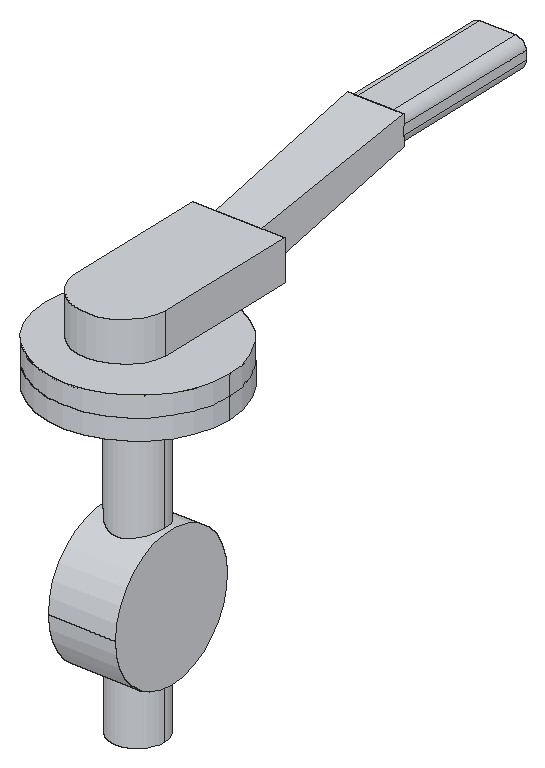
Revit family "HS497-67_disk-litina-s pákou DN032-RFA_2019", category Pipe Accessories, Revit 2019
Family settings
  Round Connector Dimension = Use Diameter
  Part Type = Valve - Breaks Into
  Work Plane-Based = No
  Always vertical = Yes
  Cut with Voids When Loaded = No
  Shared = No
Parameters (values of type "HS 497-67_DN032_PN16_s pákou")
  magiProductId = "9ad8088d610749a1b871aa2aad8007"
  magiProductFamilyId = "53cea81e6f374d17b8841d9c72ad77"
  magiPartTypeId = 305
  isMeasuringValve [instance] = no
  ang2D [instance] = 0.00°
  X11 = 61.456 mm
  X1 = 25.456 mm
  W2D = 1000 mm
  VersionID = "2.0/2017.9.26.1/ZETKAMA_497_001"
  Use Minimum Symbol Size [instance] = yes
  URL = "http://www.hydronic.cz"
  Type Comments = "mezipřírubová; litinový disk; PN16; -10~+110°C (krátkodobě +120°C)"
  SW30 = no
  SW3 = no
  SW21 = no
  SW20 = yes
  SW2 = yes
  SW1 = no
  R = 16 mm
  QmdConnectorList = "301;D;302;D"
  Productdata [instance] = ""
  NC = 50 mm
  Model = ""
  Manufacturer = "Hydronic Systems Prague s.r.o."
  MM20 = 25.456 mm
  MC Product Code = "120 032 (litinový disk, s pákou; DN32; PN16, kvs78)"
  M41 = 66 mm
  M4 = 44 mm
  LHL = 220 mm
  LHH3 = 2.45 mm
  LHH1 = 46.55 mm
  LH1 = 73.333 mm
  L4R__ve = -L4R  # -12.8 mm
  L4R = 12.8 mm
  L42__ve = -L42  # -96 mm
  L42 = 96 mm
  L41__ve = -L41  # -19.2 mm
  L41 = 19.2 mm
  L2D_Min = 3048 mm
  L2D = 216 mm
  L2 = 16.5 mm
  L1 = 26.4 mm
  L = 33 mm
  H = 30 mm
  G22 = 11.25 mm
  G2 = 22.5 mm
  G1 = 90 mm
  G = 90 mm
  F = 11 mm
  E44 = 31.25 mm
  E42 = 62.5 mm
  E4 = 125 mm
  E23 = 4.9 mm
  E22 = 19.6 mm
  E21 = 9.8 mm
  Description = "Mezipřírubová uzavírací klapka s pákou; litinový disk, DN32; PN16; kvs78"
  DR2 = 16 mm
  DR = 68 mm
  DD1 = 15.625 mm
  DD = 12.5 mm
  D = 32 mm
  CAT0 = yes
  B2__ve = -B2  # -44.2 mm
  B2 = 44.2 mm
  A2 = 10.25 mm
  A1 = 76.25 mm
Types (43, lengths in mm): name | magiProductId | X11 | X1 | Type Comments | SW30 | SW3 | SW20 | SW2 | SW1 | R | NC | MM20 | MC Product Code | M41 | M4 | LHL | LHH3 | LHH1 | LH1 | L4R__ve | L4R | L42__ve | L42 | L41__ve | L41 | L2 | L1 | L | H | G | F | E44 | E42 | E4 | E23 | E22 | E21 | Description | DR2 | DR | DD1 | DD | D | B2__ve | B2 | A2 | A1
  HS 497-67_DN100_PN16_volné vřeteno | "65d1b245f4f142c78569c0602d5754" | 61.456 | 25.456 | "mezipřírubová; litinový disk; PN16; -10~+110°C (krátkodobě +120°C)" | no | no | no | no | yes | 50 | 50 | 25.456 | "123 100 (litinový disk, s volným vřetenem; DN100; PN16, kvs512)" | 66 | 44 | 220 | 2.45 | 46.55 | 73.333 | -12.8 | 12.8 | -96 | 96 | -19.2 | 19.2 | 26 | 41.6 | 52 | 30 | 90 | 11 | 31.25 | 62.5 | 125 | 4.9 | 19.6 | 9.8 | "Mezipřírubová uzavírací klapka s volným vřetenem; litinový disk, DN100; PN16; kvs512" | 50 | 147 | 15.625 | 12.5 | 100 | -56 | 56 | 16.5 | 98.5
  HS 497-67_DN100_PN16_převodové kolo | "11e91b807e674d428c8e796fcdcfe2" | 61.456 | 25.456 | "mezipřírubová; litinový disk; PN16; -10~+110°C (krátkodobě +120°C)" | yes | yes | no | no | no | 50 | 50 | 25.456 | "125 100 (litinový disk, s převodovým kolem; DN100; PN16, kvs512)" | 65.25 | 43.5 | 220 | 2.45 | 46.55 | 73.333 | -12.8 | 12.8 | -96 | 96 | -19.2 | 19.2 | 26 | 41.6 | 52 | 30 | 90 | 11 | 31.25 | 62.5 | 125 | 4.9 | 19.6 | 9.8 | "Mezipřírubová uzavírací klapka s převodovým kolem; litinový disk, DN100; PN16; kvs512" | 50 | 147 | 15.625 | 12.5 | 100 | -56 | 56 | 16.5 | 98.5
  HS 497-67_DN100_PN16_s pákou | "28172f0b3f4b47b28323ac71cf8749" | 61.456 | 25.456 | "mezipřírubová; litinový disk; PN16; -10~+110°C (krátkodobě +120°C)" | no | no | yes | yes | no | 50 | 50 | 25.456 | "120 100 (litinový disk, s pákou; DN100; PN16, kvs512)" | 66 | 44 | 260 | 3 | 57 | 86.667 | -12.8 | 12.8 | -96 | 96 | -19.2 | 19.2 | 26 | 41.6 | 52 | 30 | 90 | 11 | 31.25 | 62.5 | 125 | 6 | 24 | 12 | "Mezipřírubová uzavírací klapka s pákou; litinový disk, DN100; PN16; kvs512" | 50 | 147 | 15.625 | 12.5 | 100 | -56 | 56 | 16.5 | 98.5
  HS 497-67_DN125_PN16_volné vřeteno | "0d813d910fc14f628bb3c2efbd185c" | 61.456 | 25.456 | "mezipřírubová; litinový disk; PN16; -10~+110°C (krátkodobě +120°C)" | no | no | no | no | yes | 62.5 | 50 | 25.456 | "123 125 (litinový disk, s volným vřetenem; DN125; PN16, kvs872)" | 66 | 44 | 220 | 2.45 | 46.55 | 73.333 | -12.8 | 12.8 | -96 | 96 | -19.2 | 19.2 | 28 | 44.8 | 56 | 33 | 90 | 14 | 31.25 | 62.5 | 125 | 4.9 | 19.6 | 9.8 | "Mezipřírubová uzavírací klapka s volným vřetenem; litinový disk, DN125; PN16; kvs872" | 62.5 | 180 | 15.625 | 12.5 | 125 | -64 | 64 | 18 | 99.5
  HS 497-67_DN125_PN16_převodové kolo | "c56b7c13f372467684996fb1e0e229" | 61.456 | 25.456 | "mezipřírubová; litinový disk; PN16; -10~+110°C (krátkodobě +120°C)" | yes | yes | no | no | no | 62.5 | 50 | 25.456 | "125 125 (litinový disk, s převodovým kolem; DN125; PN16, kvs872)" | 65.25 | 43.5 | 220 | 2.45 | 46.55 | 73.333 | -13.5 | 13.5 | -101.25 | 101.25 | -20.25 | 20.25 | 28 | 44.8 | 56 | 33 | 90 | 14 | 40 | 80 | 160 | 4.9 | 19.6 | 9.8 | "Mezipřírubová uzavírací klapka s převodovým kolem; litinový disk, DN125; PN16; kvs872" | 62.5 | 180 | 20 | 16 | 125 | -64 | 64 | 18 | 99.5
  HS 497-67_DN125_PN16_s pákou | "105993c79a91492399feef7931321a" | 61.456 | 25.456 | "mezipřírubová; litinový disk; PN16; -10~+110°C (krátkodobě +120°C)" | no | no | yes | yes | no | 62.5 | 50 | 25.456 | "120 125 (litinový disk, s pákou; DN125; PN16, kvs872)" | 66 | 44 | 315 | 3.75 | 71.25 | 105 | -12.8 | 12.8 | -96 | 96 | -19.2 | 19.2 | 28 | 44.8 | 56 | 33 | 90 | 14 | 31.25 | 62.5 | 125 | 7.5 | 30 | 15 | "Mezipřírubová uzavírací klapka s pákou; litinový disk, DN125; PN16; kvs872" | 62.5 | 180 | 15.625 | 12.5 | 125 | -64 | 64 | 18 | 99.5
  HS 497-67_DN150_PN16_volné vřeteno | "50c80cb8ab434f55ab7796e5ac1331" | 61.456 | 25.456 | "mezipřírubová; litinový disk; PN16; -10~+110°C (krátkodobě +120°C)" | no | no | no | no | yes | 75 | 50 | 25.456 | "123 150 (litinový disk, s volným vřetenem; DN150; PN16, kvs1347)" | 66 | 44 | 220 | 2.45 | 46.55 | 73.333 | -12.8 | 12.8 | -96 | 96 | -19.2 | 19.2 | 28 | 44.8 | 56 | 33 | 90 | 14 | 31.25 | 62.5 | 125 | 4.9 | 19.6 | 9.8 | "Mezipřírubová uzavírací klapka s volným vřetenem; litinový disk, DN150; PN16; kvs1347" | 75 | 206 | 15.625 | 12.5 | 150 | -58 | 58 | 19.3 | 98.7
  HS 497-67_DN150_PN16_převodové kolo | "d94a1a0cf83b476eb10011b327f709" | 61.456 | 25.456 | "mezipřírubová; litinový disk; PN16; -10~+110°C (krátkodobě +120°C)" | yes | yes | no | no | no | 75 | 50 | 25.456 | "125 150 (litinový disk, s převodovým kolem; DN150; PN16, kvs1347)" | 65.25 | 43.5 | 220 | 2.45 | 46.55 | 73.333 | -13.5 | 13.5 | -101.25 | 101.25 | -20.25 | 20.25 | 28 | 44.8 | 56 | 33 | 90 | 14 | 40 | 80 | 160 | 4.9 | 19.6 | 9.8 | "Mezipřírubová uzavírací klapka s převodovým kolem; litinový disk, DN150; PN16; kvs1347" | 75 | 206 | 20 | 16 | 150 | -58 | 58 | 19.3 | 98.7
  HS 497-67_DN150_PN16_s pákou | "4d2835523fe84828bc50ff0a5a0dfb" | 61.456 | 25.456 | "mezipřírubová; litinový disk; PN16; -10~+110°C (krátkodobě +120°C)" | no | no | yes | yes | no | 75 | 50 | 25.456 | "120 150 (litinový disk, s pákou; DN150; PN16, kvs1347)" | 66 | 44 | 315 | 3.75 | 71.25 | 105 | -12.8 | 12.8 | -96 | 96 | -19.2 | 19.2 | 28 | 44.8 | 56 | 33 | 90 | 14 | 31.25 | 62.5 | 125 | 7.5 | 30 | 15 | "Mezipřírubová uzavírací klapka s pákou; litinový disk, DN150; PN16; kvs1347" | 75 | 206 | 15.625 | 12.5 | 150 | -58 | 58 | 19.3 | 98.7
  HS 497-67_DN200_PN16_volné vřeteno | "5b29029eaeba47139ee1055a4b9201" | 61.456 | 25.456 | "mezipřírubová; litinový disk; PN16; -10~+110°C (krátkodobě +120°C)" | no | no | no | no | yes | 100 | 50 | 25.456 | "123 200 (litinový disk, s volným vřetenem; DN200; PN16, kvs2675)" | 66 | 44 | 220 | 2.45 | 46.55 | 73.333 | -12.8 | 12.8 | -96 | 96 | -19.2 | 19.2 | 30 | 48 | 60 | 33 | 90 | 17 | 31.25 | 62.5 | 125 | 4.9 | 19.6 | 9.8 | "Mezipřírubová uzavírací klapka s volným vřetenem; litinový disk, DN200; PN16; kvs2675" | 100 | 257 | 15.625 | 12.5 | 200 | -70 | 70 | 22.5 | 102.5
  HS 497-67_DN200_PN16_převodové kolo | "b2793cc1fcc44cf2a35062cd67c04f" | 61.456 | 25.456 | "mezipřírubová; litinový disk; PN16; -10~+110°C (krátkodobě +120°C)" | yes | yes | no | no | no | 100 | 57 | 25.456 | "125 200 (litinový disk, s převodovým kolem; DN200; PN16, kvs2675)" | 78.75 | 52.5 | 220 | 2.45 | 46.55 | 73.333 | -15.2 | 15.2 | -114 | 114 | -22.8 | 22.8 | 30 | 48 | 60 | 33 | 90 | 17 | 50 | 100 | 200 | 4.9 | 19.6 | 9.8 | "Mezipřírubová uzavírací klapka s převodovým kolem; litinový disk, DN200; PN16; kvs2675" | 100 | 257 | 25 | 20 | 200 | -70 | 70 | 22.5 | 102.5
  HS 497-67_DN200_PN16_s pákou | "f88d96c7af224537a51e72d7d8fffe" | 61.456 | 25.456 | "mezipřírubová; litinový disk; PN16; -10~+110°C (krátkodobě +120°C)" | no | no | yes | yes | no | 100 | 50 | 25.456 | "120 200 (litinový disk, s pákou; DN200; PN16, kvs2675)" | 66 | 44 | 315 | 3.75 | 71.25 | 105 | -12.8 | 12.8 | -96 | 96 | -19.2 | 19.2 | 30 | 48 | 60 | 33 | 90 | 17 | 31.25 | 62.5 | 125 | 7.5 | 30 | 15 | "Mezipřírubová uzavírací klapka s pákou; litinový disk, DN200; PN16; kvs2675" | 100 | 257 | 15.625 | 12.5 | 200 | -70 | 70 | 22.5 | 102.5
  HS 497-67_DN250_PN16_volné vřeteno | "b662e8305ca2402b9c510e66e6aa55" | 88.77 | 36.77 | "mezipřírubová; litinový disk; PN16; -10~+110°C (krátkodobě +120°C)" | no | no | no | no | yes | 125 | 50 | 36.77 | "123 250 (litinový disk, s volným vřetenem; DN250; PN16, kvs4555)" | 66 | 44 | 220 | 2.45 | 46.55 | 73.333 | -12.8 | 12.8 | -96 | 96 | -19.2 | 19.2 | 34 | 54.4 | 68 | 23 | 130 | 22 | 31.25 | 62.5 | 125 | 4.9 | 19.6 | 9.8 | "Mezipřírubová uzavírací klapka s volným vřetenem; litinový disk, DN250; PN16; kvs4555" | 125 | 324 | 15.625 | 12.5 | 250 | -85 | 85 | 28.25 | 129.25
  HS 497-67_DN250_PN16_převodové kolo | "5ee9016806664ddfaa2632711f295c" | 88.77 | 36.77 | "mezipřírubová; litinový disk; PN16; -10~+110°C (krátkodobě +120°C)" | yes | yes | no | no | no | 125 | 70 | 36.77 | "125 250 (litinový disk, s převodovým kolem; DN250; PN16, kvs4555)" | 91.5 | 61 | 220 | 2.45 | 46.55 | 73.333 | -22.2 | 22.2 | -166.5 | 166.5 | -33.3 | 33.3 | 34 | 54.4 | 68 | 23 | 130 | 22 | 62.5 | 125 | 250 | 4.9 | 19.6 | 9.8 | "Mezipřírubová uzavírací klapka s převodovým kolem; litinový disk, DN250; PN16; kvs4555" | 125 | 324 | 31.25 | 25 | 250 | -85 | 85 | 28.25 | 129.25
  HS 497-67_DN300_PN16_volné vřeteno | "e1886f51ff004380a649519258edf2" | 88.77 | 36.77 | "mezipřírubová; litinový disk; PN16; -10~+110°C (krátkodobě +120°C)" | no | no | no | no | yes | 150 | 50 | 36.77 | "123 300 (litinový disk, s volným vřetenem; DN300; PN16, kvs7037)" | 66 | 44 | 220 | 2.45 | 46.55 | 73.333 | -12.8 | 12.8 | -96 | 96 | -19.2 | 19.2 | 39 | 62.4 | 78 | 23 | 130 | 22 | 31.25 | 62.5 | 125 | 4.9 | 19.6 | 9.8 | "Mezipřírubová uzavírací klapka s volným vřetenem; litinový disk, DN300; PN16; kvs7037" | 150 | 376 | 15.625 | 12.5 | 300 | -90 | 90 | 30.8 | 127.2
  HS 497-67_DN300_PN16_převodové kolo | "6860f094f77d42088fbebc3c97f755" | 88.77 | 36.77 | "mezipřírubová; litinový disk; PN16; -10~+110°C (krátkodobě +120°C)" | yes | yes | no | no | no | 150 | 70 | 36.77 | "125 300 (litinový disk, s převodovým kolem; DN300; PN16, kvs7037)" | 91.5 | 61 | 220 | 2.45 | 46.55 | 73.333 | -22.2 | 22.2 | -166.5 | 166.5 | -33.3 | 33.3 | 39 | 62.4 | 78 | 23 | 130 | 22 | 62.5 | 125 | 250 | 4.9 | 19.6 | 9.8 | "Mezipřírubová uzavírací klapka s převodovým kolem; litinový disk, DN300; PN16; kvs7037" | 150 | 376 | 31.25 | 25 | 300 | -90 | 90 | 30.8 | 127.2
  HS 497-67_DN032_PN16_volné vřeteno | "8c5f65de52aa4067a77564107e31b2" | 61.456 | 25.456 | "mezipřírubová; litinový disk; PN16; -10~+110°C (krátkodobě +120°C)" | no | no | no | no | yes | 16 | 50 | 25.456 | "123 032 (litinový disk, s volným vřetenem; DN32; PN16, kvs78)" | 66 | 44 | 220 | 2.45 | 46.55 | 73.333 | -12.8 | 12.8 | -96 | 96 | -19.2 | 19.2 | 16.5 | 26.4 | 33 | 30 | 90 | 11 | 31.25 | 62.5 | 125 | 4.9 | 19.6 | 9.8 | "Mezipřírubová uzavírací klapka s volným vřetenem; litinový disk, DN32; PN16; kvs78" | 16 | 68 | 15.625 | 12.5 | 32 | -44.2 | 44.2 | 10.25 | 76.25
  HS 497-67_DN032_PN16_převodové kolo | "60aaeffa8b3a4e809ef000e4660060" | 61.456 | 25.456 | "mezipřírubová; litinový disk; PN16; -10~+110°C (krátkodobě +120°C)" | yes | yes | no | no | no | 16 | 50 | 25.456 | "125 032 (litinový disk, s převodovým kolem; DN32; PN16, kvs78)" | 65.25 | 43.5 | 220 | 2.45 | 46.55 | 73.333 | -12.8 | 12.8 | -96 | 96 | -19.2 | 19.2 | 16.5 | 26.4 | 33 | 30 | 90 | 11 | 31.25 | 62.5 | 125 | 4.9 | 19.6 | 9.8 | "Mezipřírubová uzavírací klapka s převodovým kolem; litinový disk, DN32; PN16; kvs78" | 16 | 68 | 15.625 | 12.5 | 32 | -44.2 | 44.2 | 10.25 | 76.25
  HS 497-67_DN032_PN16_s pákou | "9ad8088d610749a1b871aa2aad8007" | 61.456 | 25.456 | "mezipřírubová; litinový disk; PN16; -10~+110°C (krátkodobě +120°C)" | no | no | yes | yes | no | 16 | 50 | 25.456 | "120 032 (litinový disk, s pákou; DN32; PN16, kvs78)" | 66 | 44 | 220 | 2.45 | 46.55 | 73.333 | -12.8 | 12.8 | -96 | 96 | -19.2 | 19.2 | 16.5 | 26.4 | 33 | 30 | 90 | 11 | 31.25 | 62.5 | 125 | 4.9 | 19.6 | 9.8 | "Mezipřírubová uzavírací klapka s pákou; litinový disk, DN32; PN16; kvs78" | 16 | 68 | 15.625 | 12.5 | 32 | -44.2 | 44.2 | 10.25 | 76.25
  HS 497-67_DN350_PN10_volné vřeteno | "72a1e05f22944421b7e9596a877137" | 109.255 | 45.255 | "mezipřírubová; litinový disk; PN10; -10~+110°C (krátkodobě +120°C)" | no | no | no | no | yes | 175 | 50 | 45.255 | "123 350 (litinový disk, s volným vřetenem; DN350; PN10, kvs10165)" | 66 | 44 | 220 | 2.45 | 46.55 | 73.333 | -12.8 | 12.8 | -96 | 96 | -19.2 | 19.2 | 39 | 62.4 | 78 | 31 | 160 | 22 | 31.25 | 62.5 | 125 | 4.9 | 19.6 | 9.8 | "Mezipřírubová uzavírací klapka s volným vřetenem; litinový disk, DN350; PN10; kvs10165" | 175 | 430 | 15.625 | 12.5 | 350 | -88 | 88 | 33.85 | 129.65
  HS 497-67_DN350_PN10_převodové kolo | "a5a01426cb28494ba3afca92f1dace" | 109.255 | 45.255 | "mezipřírubová; litinový disk; PN10; -10~+110°C (krátkodobě +120°C)" | yes | yes | no | no | no | 175 | 70 | 45.255 | "125 350 (litinový disk, s převodovým kolem; DN350; PN10, kvs10165)" | 91.5 | 61 | 220 | 2.45 | 46.55 | 73.333 | -22.2 | 22.2 | -166.5 | 166.5 | -33.3 | 33.3 | 39 | 62.4 | 78 | 31 | 160 | 22 | 62.5 | 125 | 250 | 4.9 | 19.6 | 9.8 | "Mezipřírubová uzavírací klapka s převodovým kolem; litinový disk, DN350; PN10; kvs10165" | 175 | 430 | 31.25 | 25 | 350 | -88 | 88 | 33.85 | 129.65
  HS 497-67_DN400_PN10_volné vřeteno | "c70ebeb927c04ab99b176e257ad0a7" | 109.255 | 45.255 | "mezipřírubová; litinový disk; PN10; -10~+110°C (krátkodobě +120°C)" | no | no | no | no | yes | 200 | 50 | 45.255 | "123 400 (litinový disk, s volným vřetenem; DN400; PN10, kvs13799)" | 66 | 44 | 220 | 2.45 | 46.55 | 73.333 | -12.8 | 12.8 | -96 | 96 | -19.2 | 19.2 | 51 | 81.6 | 102 | 31 | 160 | 27 | 31.25 | 62.5 | 125 | 4.9 | 19.6 | 9.8 | "Mezipřírubová uzavírací klapka s volným vřetenem; litinový disk, DN400; PN10; kvs13799" | 200 | 485 | 15.625 | 12.5 | 400 | -108 | 108 | 38 | 142
  HS 497-67_DN400_PN10_převodové kolo | "cc64a4384dcb41b780d81810f4f293" | 109.255 | 45.255 | "mezipřírubová; litinový disk; PN10; -10~+110°C (krátkodobě +120°C)" | yes | yes | no | no | no | 200 | 72.5 | 45.255 | "125 400 (litinový disk, s převodovým kolem; DN400; PN10, kvs13799)" | 103.5 | 69 | 220 | 2.45 | 46.55 | 73.333 | -27.8 | 27.8 | -208.5 | 208.5 | -41.7 | 41.7 | 51 | 81.6 | 102 | 31 | 160 | 27 | 75 | 150 | 300 | 4.9 | 19.6 | 9.8 | "Mezipřírubová uzavírací klapka s převodovým kolem; litinový disk, DN400; PN10; kvs13799" | 200 | 485 | 37.5 | 30 | 400 | -108 | 108 | 38 | 142
  HS 497-67_DN040_PN16_volné vřeteno | "35f92312390745e88df5b5c325d9ee" | 61.456 | 25.456 | "mezipřírubová; litinový disk; PN16; -10~+110°C (krátkodobě +120°C)" | no | no | no | no | yes | 20 | 50 | 25.456 | "123 040 (litinový disk, s volným vřetenem; DN40; PN16, kvs78)" | 66 | 44 | 220 | 2.45 | 46.55 | 73.333 | -12.8 | 12.8 | -96 | 96 | -19.2 | 19.2 | 16.5 | 26.4 | 33 | 30 | 90 | 11 | 31.25 | 62.5 | 125 | 4.9 | 19.6 | 9.8 | "Mezipřírubová uzavírací klapka s volným vřetenem; litinový disk, DN40; PN16; kvs78" | 20 | 76 | 15.625 | 12.5 | 40 | -36 | 36 | 11 | 79
  HS 497-67_DN040_PN16_převodové kolo | "d88e968eae3445bc9b7b4e6ff35127" | 61.456 | 25.456 | "mezipřírubová; litinový disk; PN16; -10~+110°C (krátkodobě +120°C)" | yes | yes | no | no | no | 20 | 50 | 25.456 | "125 040 (litinový disk, s převodovým kolem; DN40; PN16, kvs78)" | 65.25 | 43.5 | 220 | 2.45 | 46.55 | 73.333 | -12.8 | 12.8 | -96 | 96 | -19.2 | 19.2 | 16.5 | 26.4 | 33 | 30 | 90 | 11 | 31.25 | 62.5 | 125 | 4.9 | 19.6 | 9.8 | "Mezipřírubová uzavírací klapka s převodovým kolem; litinový disk, DN40; PN16; kvs78" | 20 | 76 | 15.625 | 12.5 | 40 | -36 | 36 | 11 | 79
  HS 497-67_DN040_PN16_s pákou | "c1b522ca65b4407a98818f232eaacb" | 61.456 | 25.456 | "mezipřírubová; litinový disk; PN16; -10~+110°C (krátkodobě +120°C)" | no | no | yes | yes | no | 20 | 50 | 25.456 | "120 040 (litinový disk, s pákou; DN40; PN16, kvs78)" | 66 | 44 | 220 | 2.45 | 46.55 | 73.333 | -12.8 | 12.8 | -96 | 96 | -19.2 | 19.2 | 16.5 | 26.4 | 33 | 30 | 90 | 11 | 31.25 | 62.5 | 125 | 4.9 | 19.6 | 9.8 | "Mezipřírubová uzavírací klapka s pákou; litinový disk, DN40; PN16; kvs78" | 20 | 76 | 15.625 | 12.5 | 40 | -36 | 36 | 11 | 79
  HS 497-67_DN450_PN10_volné vřeteno | "a8358bc282f14872b3194e530e590a" | 129.74 | 53.74 | "mezipřírubová; litinový disk; PN10; -10~+110°C (krátkodobě +120°C)" | no | no | no | no | yes | 225 | 50 | 53.74 | "123 450 (litinový disk, s volným vřetenem; DN450; PN10, kvs18514)" | 66 | 44 | 220 | 2.45 | 46.55 | 73.333 | -12.8 | 12.8 | -96 | 96 | -19.2 | 19.2 | 57 | 91.2 | 114 | 38 | 190 | 36 | 31.25 | 62.5 | 125 | 4.9 | 19.6 | 9.8 | "Mezipřírubová uzavírací klapka s volným vřetenem; litinový disk, DN450; PN10; kvs18514" | 225 | 536 | 15.625 | 12.5 | 450 | -115 | 115 | 38.05 | 117.45
  HS 497-67_DN450_PN10_převodové kolo | "cdf2d80f54a9414f9cbe50647c0ebd" | 129.74 | 53.74 | "mezipřírubová; litinový disk; PN10; -10~+110°C (krátkodobě +120°C)" | yes | yes | no | no | no | 225 | 91.5 | 53.74 | "125 450 (litinový disk, s převodovým kolem; DN450; PN10, kvs18514)" | 144.75 | 96.5 | 220 | 2.45 | 46.55 | 73.333 | -32.1 | 32.1 | -240.75 | 240.75 | -48.15 | 48.15 | 57 | 91.2 | 114 | 38 | 190 | 36 | 100 | 200 | 400 | 4.9 | 19.6 | 9.8 | "Mezipřírubová uzavírací klapka s převodovým kolem; litinový disk, DN450; PN10; kvs18514" | 225 | 536 | 50 | 40 | 450 | -115 | 115 | 38.05 | 117.45
  HS 497-67_DN500_PN10_volné vřeteno | "8c396e27bb2743f98f3c762b6517cd" | 143.397 | 59.397 | "mezipřírubová; litinový disk; PN10; -10~+110°C (krátkodobě +120°C)" | no | no | no | no | yes | 250 | 50 | 59.397 | "123 500 (litinový disk, s volným vřetenem; DN500; PN10, kvs23805)" | 66 | 44 | 220 | 2.45 | 46.55 | 73.333 | -12.8 | 12.8 | -96 | 96 | -19.2 | 19.2 | 63.5 | 101.6 | 127 | 38 | 210 | 36 | 31.25 | 62.5 | 125 | 4.9 | 19.6 | 9.8 | "Mezipřírubová uzavírací klapka s volným vřetenem; litinový disk, DN500; PN10; kvs23805" | 250 | 593 | 15.625 | 12.5 | 500 | -130 | 130 | 43.25 | 139.25
  HS 497-67_DN500_PN10_převodové kolo | "7647804f32e94cef828a7034a91a46" | 143.397 | 59.397 | "mezipřírubová; litinový disk; PN10; -10~+110°C (krátkodobě +120°C)" | yes | yes | no | no | no | 250 | 91.5 | 59.397 | "125 500 (litinový disk, s převodovým kolem; DN500; PN10, kvs23805)" | 144.75 | 96.5 | 220 | 2.45 | 46.55 | 73.333 | -32.1 | 32.1 | -240.75 | 240.75 | -48.15 | 48.15 | 63.5 | 101.6 | 127 | 38 | 210 | 36 | 100 | 200 | 400 | 4.9 | 19.6 | 9.8 | "Mezipřírubová uzavírací klapka s převodovým kolem; litinový disk, DN500; PN10; kvs23805" | 250 | 593 | 50 | 40 | 500 | -130 | 130 | 43.25 | 139.25
  HS 497-67_DN050_volné vřeteno | "d71f296ecd6d4adf8f6e5d9853b4e0" | 61.456 | 25.456 | "mezipřírubová; litinový disk; PN16; -10~+110°C (krátkodobě +120°C)" | no | no | no | no | yes | 25 | 50 | 25.456 | "123 050 (litinový disk, s volným vřetenem; DN50; PN16, kvs98)" | 66 | 44 | 220 | 2.45 | 46.55 | 73.333 | -12.8 | 12.8 | -96 | 96 | -19.2 | 19.2 | 21.5 | 34.4 | 43 | 30 | 90 | 11 | 31.25 | 62.5 | 125 | 4.9 | 19.6 | 9.8 | "Mezipřírubová uzavírací klapka s volným vřetenem; litinový disk, DN50; PN16; kvs98" | 25 | 100 | 15.625 | 12.5 | 50 | -36.5 | 36.5 | 12 | 83
  HS 497-67_DN050_PN16_převodové kolo | "2fb080deeaed49c58418b94c1da5a4" | 61.456 | 25.456 | "mezipřírubová; litinový disk; PN16; -10~+110°C (krátkodobě +120°C)" | yes | yes | no | no | no | 25 | 50 | 25.456 | "125 050 (litinový disk, s převodovým kolem; DN50; PN16, kvs98)" | 65.25 | 43.5 | 220 | 2.45 | 46.55 | 73.333 | -12.8 | 12.8 | -96 | 96 | -19.2 | 19.2 | 21.5 | 34.4 | 43 | 30 | 90 | 11 | 31.25 | 62.5 | 125 | 4.9 | 19.6 | 9.8 | "Mezipřírubová uzavírací klapka s převodovým kolem; litinový disk, DN50; PN16; kvs98" | 25 | 100 | 15.625 | 12.5 | 50 | -36.5 | 36.5 | 12 | 83
  HS 497-67_DN050_PN16_s pákou | "dabc632061f94877a994b9b4e68112" | 61.456 | 25.456 | "mezipřírubová; litinový disk; PN16; -10~+110°C (krátkodobě +120°C)" | no | no | yes | yes | no | 25 | 50 | 25.456 | "120 050 (litinový disk, s pákou; DN50; PN16, kvs98)" | 66 | 44 | 220 | 2.45 | 46.55 | 73.333 | -12.8 | 12.8 | -96 | 96 | -19.2 | 19.2 | 21.5 | 34.4 | 43 | 30 | 90 | 11 | 31.25 | 62.5 | 125 | 4.9 | 19.6 | 9.8 | "Mezipřírubová uzavírací klapka s pákou; litinový disk, DN50; PN16; kvs98" | 25 | 100 | 15.625 | 12.5 | 50 | -36.5 | 36.5 | 12 | 83
  HS 497-67_DN600_PN10_volné vřeteno | "99d5892c14664fce81a7c5903f7711" | 143.397 | 59.397 | "mezipřírubová; litinový disk; PN10; -10~+110°C (krátkodobě +120°C)" | no | no | no | no | yes | 300 | 50 | 59.397 | "123 600 (litinový disk, s volným vřetenem; DN600; PN10, kvs36778)" | 66 | 44 | 220 | 2.45 | 46.55 | 73.333 | -12.8 | 12.8 | -96 | 96 | -19.2 | 19.2 | 77 | 123.2 | 154 | 80 | 210 | 60 | 31.25 | 62.5 | 125 | 4.9 | 19.6 | 9.8 | "Mezipřírubová uzavírací klapka s volným vřetenem; litinový disk, DN600; PN10; kvs36788" | 300 | 690 | 15.625 | 12.5 | 600 | -140 | 140 | 49.4 | 144.6
  HS 497-67_DN600_PN10_převodové kolo | "b1e26faab48a4c499f6bb11e7e3002" | 143.397 | 59.397 | "mezipřírubová; litinový disk; PN10; -10~+110°C (krátkodobě +120°C)" | yes | yes | no | no | no | 300 | 140 | 59.397 | "125 600 (litinový disk, s převodovým kolem; DN600; PN10, kvs36778)" | 206.25 | 137.5 | 220 | 2.45 | 46.55 | 73.333 | -40.8 | 40.8 | -306 | 306 | -61.2 | 61.2 | 77 | 123.2 | 154 | 80 | 210 | 60 | 125 | 250 | 500 | 4.9 | 19.6 | 9.8 | "Mezipřírubová uzavírací klapka s převodovým kolem; litinový disk, DN600; PN10; kvs36788" | 300 | 690 | 62.5 | 50 | 600 | -140 | 140 | 49.4 | 144.6
  HS 497-67_DN065_PN16_volné vřeteno | "5e5e208646e34ec29f889baab5d08e" | 61.456 | 25.456 | "mezipřírubová; litinový disk; PN16; -10~+110°C (krátkodobě +120°C)" | no | no | no | no | yes | 32.5 | 50 | 25.456 | "123 065 (litinový disk, s volným vřetenem; DN65; PN16, kvs167)" | 66 | 44 | 220 | 2.45 | 46.55 | 73.333 | -12.8 | 12.8 | -96 | 96 | -19.2 | 19.2 | 23 | 36.8 | 46 | 30 | 90 | 11 | 31.25 | 62.5 | 125 | 4.9 | 19.6 | 9.8 | "Mezipřírubová uzavírací klapka s volným vřetenem; litinový disk, DN65; PN16; kv167" | 32.5 | 108 | 15.625 | 12.5 | 65 | -36.5 | 36.5 | 13.5 | 89
  HS 497-67_DN065_PN16_převodové kolo | "654d74c8d15540b0bfe523d988ccb3" | 61.456 | 25.456 | "mezipřírubová; litinový disk; PN16; -10~+110°C (krátkodobě +120°C)" | yes | yes | no | no | no | 32.5 | 50 | 25.456 | "125 065 (litinový disk, s převodovým kolem; DN65; PN16, kvs167)" | 65.25 | 43.5 | 220 | 2.45 | 46.55 | 73.333 | -12.8 | 12.8 | -96 | 96 | -19.2 | 19.2 | 23 | 36.8 | 46 | 30 | 90 | 11 | 31.25 | 62.5 | 125 | 4.9 | 19.6 | 9.8 | "Mezipřírubová uzavírací klapka s převodovým kolem; litinový disk, DN65; PN16; kvs167" | 32.5 | 108 | 15.625 | 12.5 | 65 | -36.5 | 36.5 | 13.5 | 89
  HS 497-67_DN065_PN16_s pákou | "ebeb4b59db0641caaf6d6635ab37b9" | 61.456 | 25.456 | "mezipřírubová; litinový disk; PN16; -10~+110°C (krátkodobě +120°C)" | no | no | yes | yes | no | 32.5 | 50 | 25.456 | "120 065 (litinový disk, s pákou; DN65; PN16, kvs167)" | 66 | 44 | 220 | 2.45 | 46.55 | 73.333 | -12.8 | 12.8 | -96 | 96 | -19.2 | 19.2 | 23 | 36.8 | 46 | 30 | 90 | 11 | 31.25 | 62.5 | 125 | 4.9 | 19.6 | 9.8 | "Mezipřírubová uzavírací klapka s pákou; litinový disk, DN65; PN16; kvs167" | 32.5 | 108 | 15.625 | 12.5 | 65 | -36.5 | 36.5 | 13.5 | 89
  HS 497-67_DN080_PN16_volné vřeteno | "9e85c75c18654e1185a9c48ed6b00e" | 61.456 | 25.456 | "mezipřírubová; litinový disk; PN16; -10~+110°C (krátkodobě +120°C)" | no | no | no | no | yes | 40 | 50 | 25.456 | "123 080 (litinový disk, s volným vřetenem; DN80; PN16, kvs258)" | 66 | 44 | 220 | 2.45 | 46.55 | 73.333 | -12.8 | 12.8 | -96 | 96 | -19.2 | 19.2 | 23 | 36.8 | 46 | 30 | 90 | 11 | 31.25 | 62.5 | 125 | 4.9 | 19.6 | 9.8 | "Mezipřírubová uzavírací klapka s volným vřetenem; litinový disk, DN80; PN16; kvs258" | 40 | 124 | 15.625 | 12.5 | 80 | -54 | 54 | 14.1 | 86.9
  HS 497-67_DN080_PN16_převodové kolo | "5b3c8238c3d041e68c75b199e7ea46" | 61.456 | 25.456 | "mezipřírubová; litinový disk; PN16; -10~+110°C (krátkodobě +120°C)" | yes | yes | no | no | no | 40 | 50 | 25.456 | "125 080 (litinový disk, s převodovým kolem; DN80; PN16, kvs258)" | 65.25 | 43.5 | 220 | 2.45 | 46.55 | 73.333 | -12.8 | 12.8 | -96 | 96 | -19.2 | 19.2 | 23 | 36.8 | 46 | 30 | 90 | 11 | 31.25 | 62.5 | 125 | 4.9 | 19.6 | 9.8 | "Mezipřírubová uzavírací klapka s převodovým kolem; litinový disk, DN80; PN16; kvs258" | 40 | 124 | 15.625 | 12.5 | 80 | -54 | 54 | 14.1 | 86.9
  HS 497-67_DN080_PN16_s pákou | "e414795fab0f4eccb99bc3572c5477" | 61.456 | 25.456 | "mezipřírubová; litinový disk; PN16; -10~+110°C (krátkodobě +120°C)" | no | no | yes | yes | no | 40 | 50 | 25.456 | "120 080 (litinový disk, s pákou; DN80; PN16, kvs258)" | 66 | 44 | 260 | 3 | 57 | 86.667 | -12.8 | 12.8 | -96 | 96 | -19.2 | 19.2 | 23 | 36.8 | 46 | 30 | 90 | 11 | 31.25 | 62.5 | 125 | 6 | 24 | 12 | "Mezipřírubová uzavírací klapka s pákou; litinový disk, DN80; PN16; kvs258" | 40 | 124 | 15.625 | 12.5 | 80 | -54 | 54 | 14.1 | 86.9
  HS 497-67_DN250_PN16_s pákou | "" | 88.77 | 36.77 | "mezipřírubová; litinový disk; PN16; -10~+110°C (krátkodobě +120°C)" | no | no | yes | yes | no | 125 | 70 | 36.77 | "120 250 (litinový disk, s pákou; DN250; PN16, kvs4555)" | 91.5 | 61 | 220 | 2.45 | 46.55 | 73.333 | -22.2 | 22.2 | -166.5 | 166.5 | -33.3 | 33.3 | 34 | 54.4 | 68 | 23 | 130 | 22 | 62.5 | 125 | 250 | 4.9 | 19.6 | 9.8 | "Mezipřírubová uzavírací klapka s pákou; litinový disk, DN250; PN16; kvs4555" | 125 | 324 | 31.25 | 25 | 250 | -85 | 85 | 28.25 | 129.25
  HS 497-67_DN300_PN16_s pákou | "" | 88.77 | 36.77 | "mezipřírubová; litinový disk; PN16; -10~+110°C (krátkodobě +120°C)" | no | no | yes | yes | no | 150 | 70 | 36.77 | "120 300 (litinový disk, s pákou; DN300; PN16, kvs7037)" | 91.5 | 61 | 220 | 2.45 | 46.55 | 73.333 | -22.2 | 22.2 | -166.5 | 166.5 | -33.3 | 33.3 | 39 | 62.4 | 78 | 23 | 130 | 22 | 62.5 | 125 | 250 | 4.9 | 19.6 | 9.8 | "Mezipřírubová uzavírací klapka s pákou; litinový disk, DN300; PN16; kvs7037" | 150 | 376 | 31.25 | 25 | 300 | -90 | 90 | 30.8 | 127.2
Reference planes
  plane 1 "Center (Front/Back)": y = 0
  plane 2 "XYPLANE": z = 0
  plane 3 "Center (Left/Right)": x = 0
  plane 4 "473": x = -25.456
  plane 5 "472": x = -66
  plane 6 "471": y = -25.456
  plane 7 "470": y = 25.456
  plane 8 "469": x = -44
  plane 9 "468": y = -115.2
  plane 10 "467": y = -96
  plane 11 "466": z = 133.75
  plane 12 "465": z = 149.05
  plane 13 "464": y = 145.417
  plane 14 "463": z = 139.25
  plane 15 "462": z = 122.1
  plane 16 "461": z = 131.9
  plane 17 "460": y = 72.083
  plane 18 "459": x = -11.25
  plane 19 "458": x = 11.25
  plane 20 "457": y = -6.25
  plane 21 "456": x = -17.5
  plane 22 "455": x = 17.5
  plane 23 "454": z = 136.8
  plane 24 "453": y = 62.083
  plane 25 "452": y = -11.25
  plane 26 "451": x = -22.5
  plane 27 "450": x = 22.5
  plane 28 "449": z = 117.2
  plane 29 "448": z = 112.3
  plane 30 "447": z = -16
  plane 31 "446": z = 102.5
  plane 32 "445": z = 92.25
  plane 33 "444": z = 16
  plane 34 "443": x = 16.5
  plane 35 "442": x = -16.5
  plane 36 "441": z = 0
  plane 37 "440": y = 0
  plane 38 "439": x = 0
  plane 39 "438": z = 151.5
  plane 40 "437": z = 136.8
  plane 41 "436": x = 13.7
  plane 42 "435": x = -13.7
  plane 43 "434": y = 220
Forms (mm)
  Extrusion 1, solid, visible <- "SW3"
    sketch origin (-750, 0, 102.5) x (1, 0, 0) y (0, 1, 0)
      loop
        line (684, 25.456) -> (684, -25.456) -> (724.544, -25.456)
        arc (724.544, -25.456) -> (786, 0) -> (724.544, 25.456) r 36
        line (724.544, 25.456) -> (684, 25.456)
    from 0 to 62.5 <- "E42"
  Extrusion 2, solid, visible <- "SW30"
    sketch origin (0, -750, 0) x (0, 1, 0) y (0, 0, 1)
      loop
        circle (750, 133.75) r 7.813
    from 0 to 50 <- "NC"
  Extrusion 3, solid, visible <- "SW30"
    sketch origin (750, -115.2, 0) x (-1, 0, 0) y (0, 0, 1)
      loop
        circle (794, 133.75) r 62.5
    from 0 to -12.8 <- "L4R__ve"
  Extrusion 4, solid, visible <- "SW3"
    sketch origin (750, -96, 0) x (-1, 0, 0) y (0, 0, 1)
      loop
        circle (794, 133.75) r 7.813
    from 0 to -19.2 <- "L41__ve"
  Extrusion 5, solid, visible <- "SW30"
    sketch origin (750, 0, 0) x (-1, 0, 0) y (0, 0, 1)
      loop
        circle (794, 133.75) r 6.25
    from 0 to -96 <- "L42__ve"
  Blend 6, solid, visible <- "SW21"
    base sketch origin (750, 72.083, 0) x (-1, 0, 0) y (0, 0, 1)
      loop
        line (761.25, 131.9) -> (738.75, 131.9) -> (738.75, 122.1) -> (761.25, 122.1) -> (761.25, 131.9)
    top sketch origin (750, 72.083, 0) x (-1, 0, 0) y (0, 0, 1)
      loop
        line (761.25, 149.05) -> (738.75, 149.05) -> (738.75, 139.25) -> (761.25, 139.25) -> (761.25, 149.05)
    from 0 to 73.333
  Blend 7, solid, visible <- "SW21"
    base sketch origin (750, 62.083, 0) x (-1, 0, 0) y (0, 0, 1)
      loop
        line (761.25, 136.8) -> (738.75, 136.8) -> (738.75, 117.2) -> (761.25, 117.2) -> (761.25, 136.8)
    top sketch origin (750, 62.083, 0) x (-1, 0, 0) y (0, 0, 1)
      loop
        line (761.25, 131.9) -> (738.75, 131.9) -> (738.75, 122.1) -> (761.25, 122.1) -> (761.25, 131.9)
    from 0 to 10
  Blend 8, solid, visible <- "SW21"
    base sketch origin (-750, 0, 117.2) x (1, 0, 0) y (0, 1, 0)
      loop
        line (772.5, 62.083) -> (727.5, 62.083) -> (727.5, -11.25)
        arc (727.5, -11.25) -> (750, -31.25) -> (772.5, -11.25) r 22.656
        line (772.5, -11.25) -> (772.5, 62.083)
    top sketch origin (-750, 0, 117.2) x (1, 0, 0) y (0, 1, 0)
      loop
        line (767.5, 62.083) -> (732.5, 62.083) -> (732.5, -6.25)
        arc (732.5, -6.25) -> (750, -26.25) -> (767.5, -6.25) r 17.656
        line (767.5, -6.25) -> (767.5, 62.083)
    from 0 to 19.6
  Extrusion 9, solid, visible <- "SW2"
    sketch origin (-750, 0, 112.3) x (1, 0, 0) y (0, 1, 0)
      loop
        circle (750, 0) r 11.25
    from 0 to 4.9 <- "E23"
  Extrusion 10, solid, visible <- "SW2"
    sketch origin (-750, 0, 102.5) x (1, 0, 0) y (0, 1, 0)
      loop
        circle (750, 0) r 45
    from 0 to 9.8 <- "E21"
  Extrusion 11, solid, visible <- "CAT0"
    sketch origin (-750, 0, -16) x (1, 0, 0) y (0, 1, 0)
      loop
        circle (750, 0) r 13.2
    from 0 to -44.2 <- "B2__ve"
  Extrusion 12, solid, visible <- "CAT0"
    sketch origin (-750, 0, 92.25) x (1, 0, 0) y (0, 1, 0)
      loop
        circle (750, 0) r 45
    from 0 to 10.25 <- "A2"
  Extrusion 13, solid, visible <- "CAT0"
    sketch origin (-750, 0, 16) x (1, 0, 0) y (0, 1, 0)
      loop
        circle (750, 0) r 13.2
    from 0 to 76.25 <- "A1"
  Extrusion 14, solid, visible <- "CAT0"
    sketch origin (-16.5, -750, 0) x (0, 1, 0) y (0, 0, 1)
      loop
        circle (750, 0) r 34
    from 0 to 33 <- "L"
  Extrusion 15, solid, visible <- "SW1"
    sketch origin (-750, 0, 102.5) x (1, 0, 0) y (0, 1, 0)
      loop
        line (755.5, 5.5) -> (744.5, 5.5) -> (744.5, -5.5) -> (755.5, -5.5) -> (755.5, 5.5)
    from 0 to 30 <- "H"
  Blend 16, solid, visible <- "SW2"
    base sketch origin (750, 145.417, 0) x (-1, 0, 0) y (0, 0, 1)
      loop
        arc (763.7, 146.5) -> (762.236, 150.036) -> (758.7, 151.5) r 5
        line (758.7, 151.5) -> (741.3, 151.5)
        arc (741.3, 151.5) -> (737.764, 150.036) -> (736.3, 146.5) r 5
        line (736.3, 146.5) -> (736.3, 141.8)
        arc (736.3, 141.8) -> (737.764, 138.264) -> (741.3, 136.8) r 5
        line (741.3, 136.8) -> (758.7, 136.8)
        arc (758.7, 136.8) -> (762.236, 138.264) -> (763.7, 141.8) r 5
        line (763.7, 141.8) -> (763.7, 146.5)
    top sketch origin (750, 145.417, 0) x (-1, 0, 0) y (0, 0, 1)
      loop
        arc (763.7, 146.5) -> (762.236, 150.036) -> (758.7, 151.5) r 5
        line (758.7, 151.5) -> (741.3, 151.5)
        arc (741.3, 151.5) -> (737.764, 150.036) -> (736.3, 146.5) r 5
        line (736.3, 146.5) -> (736.3, 141.8)
        arc (736.3, 141.8) -> (737.764, 138.264) -> (741.3, 136.8) r 5
        line (741.3, 136.8) -> (758.7, 136.8)
        arc (758.7, 136.8) -> (762.236, 138.264) -> (763.7, 141.8) r 5
        line (763.7, 141.8) -> (763.7, 146.5)
    from 0 to 74.583
  Blend 17, solid, visible <- "SW20"
    base sketch origin (750, 145.417, 0) x (-1, 0, 0) y (0, 0, 1)
      loop
        line (763.7, 151.5) -> (736.3, 151.5) -> (736.3, 136.8) -> (763.7, 136.8) -> (763.7, 151.5)
    top sketch origin (750, 145.417, 0) x (-1, 0, 0) y (0, 0, 1)
      loop
        line (761.25, 136.8) -> (738.75, 136.8) -> (738.75, 117.2) -> (761.25, 117.2) -> (761.25, 136.8)
    from 0 to -83.333
  Extrusion 18, solid, visible <- "SW20"
    sketch origin (-750, 0, 117.2) x (1, 0, 0) y (0, 1, 0)
      loop
        line (772.5, 62.083) -> (727.5, 62.083) -> (727.5, -11.25)
        arc (727.5, -11.25) -> (750, -31.25) -> (772.5, -11.25) r 22.656
        line (772.5, -11.25) -> (772.5, 62.083)
    from 0 to 19.6 <- "E22"
  Extrusion 19, solid, not visible
    sketch origin (-16.5, -750, 0) x (0, 1, 0) y (0, 0, 1)
      loop
        circle (750, 0) r 10
    from 0 to 10
  Extrusion 20, solid, not visible
    sketch origin (16.5, -750, 0) x (0, 1, 0) y (0, 0, 1)
      loop
        circle (750, 0) r 10
    from 0 to -10
Lines and regions (mm)
  reference lines, not visible
    curve 1: circle (2, 2, 0) r 1 normal (0, 0, 1)
  reference lines
    curve 2: line (-25.456, -25.456, 102.5) -> (-25.456, 25.456, 102.5)
    curve 3: line (-17.5, -6.25, 117.2) -> (17.5, -6.25, 117.2)
    curve 4: line (-22.5, -11.25, 117.2) -> (22.5, -11.25, 117.2)
    curve 5: circle (0, 0, 102.5) r 1 normal (0, 0, 1)
    curve 6: line (-22.5, -11.25, 117.2) -> (22.5, -11.25, 117.2)
Dimensions and locks
  plane 1 "Center (Front/Back)" to curve 1 = 2 mm
  "X1": plane 3 "Center (Left/Right)" to plane 4 "473"
  "M41": plane 3 "Center (Left/Right)" to plane 5 "472"
  "MM20": plane 1 "Center (Front/Back)" to plane 6 "471"
  "MM20": plane 1 "Center (Front/Back)" to plane 7 "470"
  "M4": plane 3 "Center (Left/Right)" to plane 8 "469"
  "L41": plane 10 "467" to plane 9 "468"
  "L42": plane 1 "Center (Front/Back)" to plane 10 "467"
  "E44": plane 31 "446" to plane 11 "466"
  "LHH1": plane 31 "446" to plane 12 "465"
  "LH1": plane 17 "460" to plane 13 "464"
  "E21": plane 12 "465" to plane 14 "463"
  "E21": plane 16 "461" to plane 15 "462"
  "E23": plane 23 "454" to plane 16 "461"
  locked: plane 24 "453" to plane 17 "460" at 10
  "G22": plane 3 "Center (Left/Right)" to plane 18 "459"
  "G22": plane 3 "Center (Left/Right)" to plane 19 "458"
  locked: plane 25 "452" to plane 20 "457" at 5
  locked: plane 26 "451" to plane 21 "456" at 5
  locked: plane 27 "450" to plane 22 "455" at 5
  "E22": plane 28 "449" to plane 23 "454"
  "LH1": plane 25 "452" to plane 24 "453"
  "G22": plane 1 "Center (Front/Back)" to plane 25 "452"
  "G2": plane 3 "Center (Left/Right)" to plane 26 "451"
  "G2": plane 3 "Center (Left/Right)" to plane 27 "450"
  "E23": plane 29 "448" to plane 28 "449"
  "E21": plane 31 "446" to plane 29 "448"
  "R": plane 2 "XYPLANE" to plane 30 "447"
  "A2": plane 32 "445" to plane 31 "446"
  "A1": plane 33 "444" to plane 32 "445"
  "DR2": plane 2 "XYPLANE" to plane 33 "444"
  "L2": plane 3 "Center (Left/Right)" to plane 34 "443"
  "L2": plane 3 "Center (Left/Right)" to plane 35 "442"
  locked: plane 2 "XYPLANE" to plane 36 "441"
  locked: plane 1 "Center (Front/Back)" to plane 37 "440"
  locked: plane 3 "Center (Left/Right)" to plane 38 "439"
  "LHH3": plane 12 "465" to plane 39 "438"
  "LHH3": plane 14 "463" to plane 40 "437"
  "LHH3": plane 19 "458" to plane 41 "436"
  "LHH3": plane 18 "459" to plane 42 "435"
  "LHL": plane 1 "Center (Front/Back)" to plane 43 "434"
  "X11": curve 2 to Extrusion 1 sketch curve
  Extrusion 1 sketch curve to Extrusion 1 sketch curve = 0 mm  (x8)
  Blend 6 sketch curve to Blend 6 sketch curve = 0 mm  (x16)
  Blend 7 sketch curve to Blend 7 sketch curve = 0 mm  (x16)
  Blend 8 sketch curve to Blend 8 sketch curve = 0 mm  (x16)
  equal spacing: Extrusion 15 sketch curve, curve 5, Extrusion 15 sketch curve  (x2)
  "F": Extrusion 15 sketch curve to Extrusion 15 sketch curve  (x2)
  Blend 16 sketch curve to Blend 16 sketch curve = 0 mm  (x32)
  Blend 17 sketch curve to Blend 17 sketch curve = 0 mm  (x16)
  Extrusion 18 sketch curve to Extrusion 18 sketch curve = 0 mm  (x8)
  "DD1": diameter of Extrusion 2 sketch curve
  "E4": diameter of Extrusion 3 sketch curve
  "DD1": diameter of Extrusion 4 sketch curve
  "DD": diameter of Extrusion 5 sketch curve
  "G2": diameter of Extrusion 9 sketch curve
  "G1": diameter of Extrusion 10 sketch curve
  "L1": diameter of Extrusion 11 sketch curve
  "G": diameter of Extrusion 12 sketch curve
  "L1": diameter of Extrusion 13 sketch curve
  "DR": diameter of Extrusion 14 sketch curve
  radius of Blend 16 sketch curve = 5 mm  (x8)
  aligned and locked: level to plane 2 "XYPLANE"
  aligned and locked: Extrusion 1 sketch curve to plane 5 "472"
  aligned and locked: plane 7 "470" to Extrusion 1 sketch curve
  aligned and locked: plane 6 "471" to Extrusion 1 sketch curve
  aligned and locked: plane 5 "472" to Extrusion 1 sketch curve
  aligned and locked: plane 4 "473" to Extrusion 1 sketch curve  (x2)
  aligned and locked: plane 4 "473" to curve 2
  aligned and locked: plane 6 "471" to curve 2
  aligned and locked: plane 7 "470" to curve 2
  aligned and locked: Extrusion 1 sketch curve to plane 7 "470"
  aligned and locked: plane 11 "466" to Extrusion 2 sketch curve
  aligned and locked: plane 37 "440" to Extrusion 2 sketch curve
  aligned and locked: plane 8 "469" to Extrusion 3 sketch curve
  aligned and locked: plane 11 "466" to Extrusion 3 sketch curve
  aligned and locked: plane 8 "469" to Extrusion 4 sketch curve
  aligned and locked: plane 11 "466" to Extrusion 4 sketch curve
  aligned and locked: plane 8 "469" to Extrusion 5 sketch curve
  aligned and locked: plane 11 "466" to Extrusion 5 sketch curve
  aligned and locked: plane 12 "465" to Blend 6 sketch curve  (x2)
  aligned and locked: plane 18 "459" to Blend 6 sketch curve  (x4)
  aligned and locked: plane 19 "458" to Blend 6 sketch curve  (x4)
  aligned and locked: plane 14 "463" to Blend 6 sketch curve  (x2)
  aligned and locked: plane 16 "461" to Blend 6 sketch curve  (x2)
  aligned and locked: plane 15 "462" to Blend 6 sketch curve  (x2)
  aligned and locked: plane 13 "464" to Blend 6
  aligned and locked: plane 16 "461" to Blend 7 sketch curve  (x2)
  aligned and locked: plane 18 "459" to Blend 7 sketch curve  (x4)
  aligned and locked: plane 19 "458" to Blend 7 sketch curve  (x4)
  aligned and locked: plane 15 "462" to Blend 7 sketch curve  (x2)
  aligned and locked: plane 23 "454" to Blend 7 sketch curve  (x2)
  aligned and locked: plane 28 "449" to Blend 7 sketch curve  (x2)
  aligned and locked: plane 17 "460" to Blend 7
  aligned and locked: plane 24 "453" to Blend 8 sketch curve  (x4)
  aligned and locked: plane 22 "455" to Blend 8 sketch curve  (x2)
  aligned and locked: plane 21 "456" to Blend 8 sketch curve
  aligned and locked: plane 20 "457" to Blend 8 sketch curve  (x2)
  aligned and locked: curve 3 to plane 20 "457"
  aligned and locked: plane 21 "456" to curve 3
  aligned and locked: plane 22 "455" to curve 3
  aligned and locked: plane 27 "450" to Blend 8 sketch curve  (x2)
  aligned and locked: plane 26 "451" to Blend 8 sketch curve
  aligned and locked: plane 25 "452" to Blend 8 sketch curve  (x2)
  aligned and locked: curve 4 to plane 25 "452"
  aligned and locked: plane 26 "451" to curve 4
  aligned and locked: plane 27 "450" to curve 4
  aligned and locked: plane 23 "454" to Blend 8
  aligned and locked: plane 37 "440" to Extrusion 9 sketch curve
  aligned and locked: plane 38 "439" to Extrusion 9 sketch curve
  aligned and locked: plane 37 "440" to Extrusion 10 sketch curve
  aligned and locked: plane 38 "439" to Extrusion 10 sketch curve
  aligned and locked: plane 37 "440" to Extrusion 11 sketch curve
  aligned and locked: plane 38 "439" to Extrusion 11 sketch curve
  aligned and locked: plane 37 "440" to Extrusion 12 sketch curve
  aligned and locked: plane 38 "439" to Extrusion 12 sketch curve
  aligned and locked: plane 37 "440" to Extrusion 13 sketch curve
  aligned and locked: plane 38 "439" to Extrusion 13 sketch curve
  aligned and locked: plane 36 "441" to Extrusion 14 sketch curve
  aligned and locked: Extrusion 14 sketch curve to plane 37 "440"
  aligned and locked: plane 37 "440" to curve 5
  aligned and locked: plane 38 "439" to curve 5
  aligned and locked: plane 39 "438" to Blend 16 sketch curve  (x2)
  aligned and locked: plane 41 "436" to Blend 16 sketch curve  (x2)
  aligned and locked: Blend 16 sketch curve to plane 40 "437"  (x2)
  aligned and locked: Blend 16 sketch curve to plane 42 "435"  (x2)
  aligned and locked: plane 43 "434" to Blend 16
  aligned and locked: plane 23 "454" to Blend 17 sketch curve  (x2)
  aligned and locked: plane 18 "459" to Blend 17 sketch curve  (x2)
  aligned and locked: plane 19 "458" to Blend 17 sketch curve  (x2)
  aligned and locked: plane 28 "449" to Blend 17 sketch curve  (x2)
  aligned and locked: plane 39 "438" to Blend 17 sketch curve  (x2)
  aligned and locked: plane 42 "435" to Blend 17 sketch curve  (x2)
  aligned and locked: plane 41 "436" to Blend 17 sketch curve  (x2)
  aligned and locked: plane 40 "437" to Blend 17 sketch curve  (x2)
  aligned and locked: Blend 17 to plane 24 "453"
  aligned and locked: plane 24 "453" to Extrusion 18 sketch curve  (x2)
  aligned and locked: plane 27 "450" to Extrusion 18 sketch curve  (x2)
  aligned and locked: plane 26 "451" to Extrusion 18 sketch curve
  aligned and locked: plane 25 "452" to Extrusion 18 sketch curve  (x2)
  aligned and locked: curve 6 to plane 25 "452"
  aligned and locked: plane 26 "451" to curve 6
  aligned and locked: plane 27 "450" to curve 6
  aligned and locked: plane 36 "441" to Extrusion 19 sketch curve
  aligned and locked: Extrusion 19 sketch curve to plane 37 "440"
  aligned and locked: plane 36 "441" to Extrusion 20 sketch curve
  aligned and locked: Extrusion 20 sketch curve to plane 37 "440"
Automatic sketch dimensions
  Blend 8 sketch curve to plane 20 "457" = 2.344 mm  (x2)
  Extrusion 18 sketch curve to plane 20 "457" = 2.344 mm
  plane 25 "452" to Extrusion 19 sketch curve = 1.25 mm
  plane 25 "452" to Extrusion 20 sketch curve = 1.25 mm
  plane 3 "Center (Left/Right)" to curve 1 = 2 mm
  plane 26 "451" to Extrusion 15 sketch curve = 17 mm
  plane 25 "452" to Extrusion 15 sketch curve = 5.75 mm
  radius of curve 5 = 1 mm
  radius of curve 1 = 1 mm
Connectors
  piping at (-16.5, 0, 0), diameter 32, driven by "D"
    settings: on Extrusion 19, index 1, connector inside diameter 609.6 mm, connector length 0 mm, flow factor 0, pipe flow 0.0 L/s, pressure drop 0.0 Pa, fitting loss kfactor 0, connector angle 0.00°, fixture units 0, engagement length 0 mm, angle of deflection 0.00°, flow configuration 0, flow direction 0, fitting loss method 0, system type 29, joint type 0, gender type 0, connector reference index 2, connector utility 0, adjustable connector no, is connector primary yes, connector description ""
  piping at (16.5, 0, 0), diameter 32, driven by "D"
    settings: on Extrusion 20, index 2, connector inside diameter 609.6 mm, connector length 0 mm, flow factor 0, pipe flow 0.0 L/s, pressure drop 0.0 Pa, fitting loss kfactor 0, connector angle 0.00°, fixture units 0, engagement length 0 mm, angle of deflection 0.00°, flow configuration 0, flow direction 0, fitting loss method 0, system type 29, joint type 0, gender type 0, connector reference index 1, connector utility 0, adjustable connector no, is connector primary no, connector description ""
